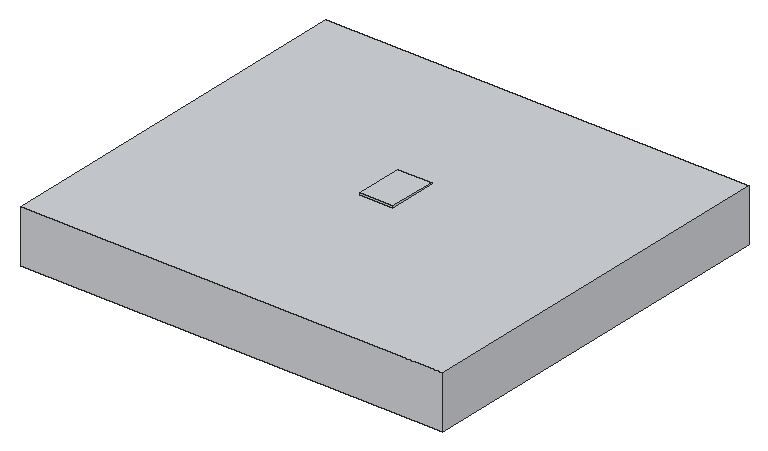
Revit family "M_Auto-falante de parede", category Dispositivos de comunicação, Revit 2019
Family settings
  Hospedeiro = Face
  Manter orientação da anotação = Sim
  Cota do conector redondo = Utilizar diâmetro
  Tipo de parte = Normal
  Número OmniClass = 23.85.10.11.11.21
  Título OmniClass = Speakers
  ID de item do Seek = Wall Speaker-0000-CAN-ENU
  Corte com vazios quando carregada = Não
  Compartilhado = Não
  Ponto de cálculo do ambiente = Não
Parameters (values of type "125 Alto-falante")
  Largura = 191 mm
  Altura = 279 mm
  Linear = 68 mm
  Elevação-padrão = 1200 mm
Types (3, lengths in mm): name | Largura | Altura | Linear
  (no name) | 191 | 279 | 68
  200 Alto-falante | 254 | 356 | 91
  125 Alto-falante | 191 | 279 | 68
Reference planes
  plane 1 "Centro (Frente/Trás)": y = -38.1
  plane 2: z = 0
  plane 3 "Centro (Esquerda/Direita)": x = 11.666
  plane 4: y = 101.4
  plane 5: y = -177.6
  plane 6: x = -83.834
  plane 7: x = 107.166
  plane 8: y = 88.7
  plane 9: x = 94.466
  plane 10: y = -164.9
  plane 11: x = -71.134
  plane 12: z = -60.063
  plane 13: z = 7.937
Forms (mm)
  Extrusion 1, solid
    sketch origin (0, 0, 0) x (1, 0, 0) y (0, 1, 0)
      loop
        line (-1207.534, 982.022) -> (-1207.534, -1219.2) -> (1230.866, -1219.2) -> (1230.866, 982.022) -> (-1207.534, 982.022)
    from 0 to -304.8
  Extrusion 2, solid
    sketch origin (0, 0, 0) x (1, 0, 0) y (0, 1, 0)
      loop
        line (-83.834, 101.4) -> (-83.834, -177.6) -> (107.166, -177.6) -> (107.166, 101.4) -> (-83.834, 101.4)
    from 0 to 7.937
  Extrusion 3, solid
    sketch origin (0, 0, 0) x (1, 0, 0) y (0, 1, 0)
      loop
        line (-71.134, 88.7) -> (-71.134, -164.9) -> (94.466, -164.9) -> (94.466, 88.7) -> (-71.134, 88.7)
    from 0 to -60.063
Lines and regions (mm)
  symbolic lines, detail levels fine
    curve 1: line (107.166, -38.1, 0) -> (-83.834, -38.1, 0)
    curve 2: line (107.166, -38.1, 7.937) -> (107.166, -38.1, 0)
    curve 3: line (-83.834, -38.1, 7.937) -> (107.166, -38.1, 7.937)
    curve 4: line (-83.834, -38.1, 0) -> (-83.834, -38.1, 7.937)
    curve 5: line (94.466, -38.1, -60.063) -> (-71.134, -38.1, -60.063)
    curve 6: line (94.466, -38.1, 0) -> (94.466, -38.1, -60.063)
    curve 7: line (-71.134, -38.1, -60.063) -> (-71.134, -38.1, 0)
Dimensions and locks
  equal spacing: plane 4, plane 1 "Centro (Frente/Trás)", plane 5
  "Altura": plane 4 to plane 5
  equal spacing: plane 6, plane 3 "Centro (Esquerda/Direita)", plane 7
  "Largura": plane 6 to plane 7
  locked: plane 6 to plane 11 at 12.7
  locked: plane 9 to plane 7 at 12.7
  locked: plane 4 to plane 8 at 12.7
  locked: plane 5 to plane 10 at 12.7
  "Linear": plane 13 to plane 12
  locked: plane 13 to Extrusion 1 at 7.937
  aligned and locked: plane 2 to Extrusion 1
  aligned and locked: level to Extrusion 1
  aligned and locked: plane 6 to Extrusion 2 sketch curve
  aligned and locked: Extrusion 2 sketch curve to plane 4
  aligned and locked: plane 5 to Extrusion 2 sketch curve
  aligned and locked: Extrusion 2 sketch curve to plane 7
  aligned and locked: plane 11 to Extrusion 3 sketch curve
  aligned and locked: Extrusion 3 sketch curve to plane 8
  aligned and locked: plane 10 to Extrusion 3 sketch curve
  aligned and locked: Extrusion 3 sketch curve to plane 9
  aligned and locked: Extrusion 3 to plane 12
  aligned and locked: Extrusion 2 to Extrusion 1
  aligned and locked: Extrusion 1 to Extrusion 3
  aligned and locked: Extrusion 2 to plane 6
  aligned and locked: plane 7 to Extrusion 2
  aligned and locked: plane 9 to Extrusion 3
  aligned and locked: plane 11 to Extrusion 3
  aligned and locked: plane 13 to Extrusion 2
  aligned and locked: Extrusion 2 to plane 13
  aligned and locked: plane 3 "Centro (Esquerda/Direita)" to nested 1
  aligned and locked: plane 1 "Centro (Frente/Trás)" to nested 1
  aligned and locked: curve 4 to plane 6
  aligned and locked: curve 3 to plane 13
  aligned and locked: plane 6 to curve 4
  aligned and locked: plane 2 to curve 4
  aligned and locked: plane 7 to curve 3
  aligned and locked: plane 7 to curve 2
  aligned and locked: plane 13 to curve 3
  aligned and locked: plane 11 to curve 7  (x2)
  aligned and locked: plane 12 to curve 5
  aligned and locked: plane 12 to curve 7
  aligned and locked: plane 2 to curve 7
  aligned and locked: plane 9 to curve 6
Automatic sketch dimensions
  Extrusion 1 sketch curve to Extrusion 1 sketch curve = 2438.4 mm
  Extrusion 1 sketch curve to Extrusion 1 sketch curve = 2201.222 mm
Nested families
  nested 1: "M_Anotação do alto-falante de parede" at (11.666, -38.1, 0), type "M_Anotação do alto-falante de parede", detail levels coarse+medium
Connectors
  electrical at (11.666, 88.7, -30.031)
    settings: on Extrusion 3, index 1, voltage 0 V, apparent load 0 VA, apparent load phase1 0 VA, apparent load phase2 0 VA, apparent load phase3 0 VA, power factor 1, load classification "Outros", number of poles 1, system type 14, power factor state 1, is connector primary yes, connector utility no, sub classification motor no, connector description ""
Definition of nested family "M_Anotação do alto-falante de parede"
  Parameters
    Legenda = "s"
  Reference planes
    plane 1: y = 0
    plane 2: x = 0
  Lines and regions (mm)
    detail lines
      curve 1: line (-1.587, 3.175, 0) -> (1.587, 3.175, 0)
      curve 4: line (-1.587, 3.175, 0) -> (0, 0, 0)
      curve 5: line (0, 0, 0) -> (1.587, 3.175, 0)
    detail lines, not visible
      curve 2: line (29.455, 22.155, 0) -> (32.63, 22.155, 0)
      curve 3: line (31.042, 22.155, 0) -> (31.042, 25.337, 0)
  Text (mm)
    label "s" at (0.016, 4.312, 0), shows "Legenda"
  Dimensions and locks
    locked: curve 1 to curve 1 at 3.175
    locked: plane 1 to curve 1 at 3.175
